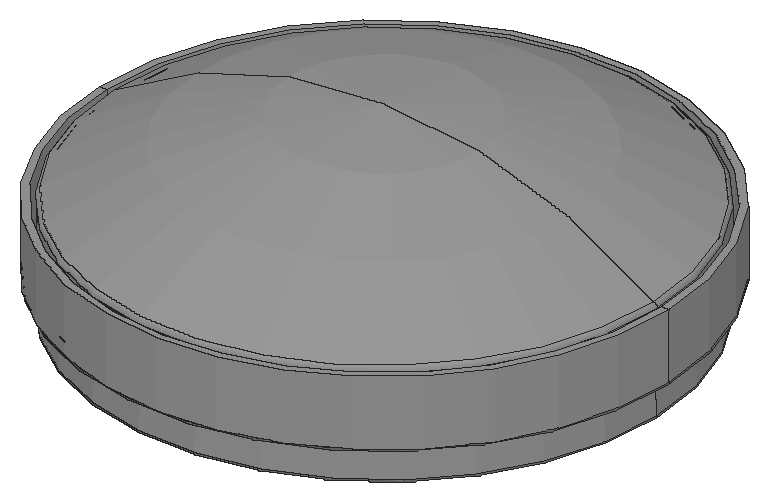
Revit family "3034808 Sylvania Lighting Fixture GIOTTO335 LED G2 4000K SURFACE MW", category Lighting Fixtures, host Face, Revit 2016
Family settings
  Host = Face
  Part Type = Normal
  Round Connector Dimension = Use Diameter
  OmniClass Number = 23.80.70.00
  OmniClass Title = Lighting
  Cut with Voids When Loaded = No
  Light Source = Yes
  Shared = No
  Room Calculation Point = No
Parameters (values of type "3034808 GIOTTO335 LED G2 SURFACE 4000K MW")
  Weight = "1.2 kg"
  Wattage Comments = ""
  Wattage = 23 W
  WarrantyStartDate [instance] = "n/a"
  WarrantyGuarantorParts = "n/a"
  WarrantyDurationUnit = "n/a"
  WarrantyDurationParts = "n/a"
  WarrantyDescription = "n/a"
  built-in parameter 1150110 = 1 (stored number, unit not read)
  Voltage = 230 V
  URL = "http://www.sylvania-lighting.com"
  TypeName = "GIOTTO335 LED G2 4000K SURFACE MW"
  Type Image = <None>
  Type Comments = "n/a"
  built-in parameter 1114217 = 1 (stored number, unit not read)
  Tilt Angle = -90.00°
  built-in parameter 1150109 = 1 (stored number, unit not read)
  built-in parameter 1150134 = 12
  built-in parameter 1150113 = 1 (stored number, unit not read)
  SerialNumber [instance] = "n/a"
  Photometric Web File = "3034808.ies"
  Material_3_SYL = LED-Sylvania
  PowerFactor = 0
  PowerConsumption = "23 W"
  NominalLength = 335 mm
  NominalHeight = 110 mm
  NominalDepth = 335 mm
  Name = "GIOTTO335 LED G2 4000K SURFACE MW"
  ModelReference = Name  # "GIOTTO335 LED G2 4000K SURFACE MW"
  ModelNumber = "3034808"
  Model = Name  # "GIOTTO335 LED G2 4000K SURFACE MW"
  Material = "polycarbonate housing, polycarbonate diffuser"
  ManufacturerName = "Feilo Sylvania"
  Manufacturer = "Feilo Sylvania"
  LuminousEfficacy = "97 lm/W"
  built-in parameter 1150105 = 685.38 (stored number, unit not read)
  Lumens = 2231 lm
  LuminaireType = ""
  built-in parameter 1150115 = 1 (stored number, unit not read)
  LightOutputRatio = "n/a"
  built-in parameter 1150137 = (empty or 0)
  built-in parameter 1150139 = (empty or 0)
  LampsType = Lamp  # "LED"
  LampNominalLuminous = "2225 lm"
  LampMacAdamStep = "n/a"
  LampColourTemperature = "4000 K"
  LampColourRenderingIndex = "80"
  built-in parameter 1150112 = 1 (stored number, unit not read)
  built-in parameter 1150114 = 1 (stored number, unit not read)
  Lamp = "LED"
  Keynote = "16500"
  InstallationDate [instance] = "n/a"
  InputVoltage = "n/a"
  InputNominalFrequency = "n/a"
  built-in parameter 1150132 = (empty or 0)
  built-in parameter 1150102 = (empty or 0)
  built-in parameter 1150107 = 4000 (stored number, unit not read)
  built-in parameter 1150138 = (empty or 0)
  IngressProtection = "IP44"
  ImpactProtectionIndex = "IK10"
  built-in parameter 1150106 = 6.8538 (stored number, unit not read)
  IfcExportType = "IfcLightFixtureType"
  IfcExportAs = "IfcLightFixtureType"
  Height_SYL = 110 mm
  ExpectedLife = 50000
  Emit from Circle Diameter = 317 mm
  Emit Shape Visible in Rendering = no
  ElectricShockClassification = "Class I"
  built-in parameter 1150104 = 9.0116 (stored number, unit not read)
  DurationUnit = "hours"
  DocumentationLiterature = "http://www.sylvania-lighting.com/product/en-int/products/3034808"
  DimmingControlOptions = "n/a"
  Material_2_SYL = Polycarbonate_Sylvania_Giotto_Opal
  Dimming Lamp Color Temperature Shift = <None>
  DiffuserRadius_SYL = 282.611 mm
  Diameter_SYL = 335 mm
  Description = "Ambient and decorative round, surface mounted LED bulkhead luminaire. White robust polycarbonate body with opal diffuser, 2225 lm, 23W, 97lm/W, 4000K, CRI 80, non-dimmable, integral microwave sensor. 50,000 hours lumen maintenance. Drive current: 700mA, IP44, IK10, Class I, 220-240V, Energy class: A++, A+, A."
  Default Elevation = 1219.2 mm
  CreatedOn = "9/13/2018"
  CreatedBy = "@sylvania-lighting.com"
  Cost = 0
  Color Filter = 16777215
  built-in parameter 1114216 [instance] = (empty or 0)
  ClassificationValue = "EF_70_80"
  ClassificationName = "Uniclass2015"
  Material_1_SYL = Polycarbonate_Sylvania_Giotto_White
  BarCode [instance] = "n/a"
  built-in parameter 1114218 = 1 (stored number, unit not read)
  built-in parameter 1150133 = 10 (stored number, unit not read)
  AssetType = "Fixed"
  AssetIdentifier [instance] = "n/a"
  Assembly Code = "D5020200"
  Apparent Load = 23 VA
  Material_4_SYL = none
Reference planes
  plane 1 "Center (Front/Back)": y = 0
  plane 2: z = 0
  plane 3 "Center (Left/Right)": x = 0
  plane 4: x = 167.5
  plane 5: x = -167.5
  plane 6: x = -160.5
  plane 7: x = -163.5
  plane 8: z = 110
  plane 9: z = 60
  plane 10: z = 20
  plane 11: z = 25
  plane 12: x = -165.9
  plane 13: z = 21.6
  plane 14: z = 1.6
  plane 15: x = -158.9
  plane 16: z = 19
  plane 17: x = -161.5
  plane 18: z = 26
Forms (mm)
  Revolve 1, solid, material "Polycarbonate_Sylvania_Giotto_White" <- "Material_1_SYL"
    sketch origin (0, 0, 0) x (1, 0, 0) y (0, 0, 1)
      loop
        line (0, 0) -> (0, 26) -> (-158.9, 26) -> (-158.9, 25) -> (-163.5, 25) -> (-163.5, 60) -> (-167.5, 60) -> (-167.5, 21.6)
        arc (-167.5, 21.6) -> (-167.031, 20.469) -> (-165.9, 20) r 1.6
        line (-165.9, 20) -> (-160.5, 20)
        arc (-160.5, 20) -> (-160.193, 19.541) -> (-160.086, 19) r 1.414
        line (-160.086, 19) -> (-160.5, 1.6)
        arc (-160.5, 1.6) -> (-160.031, 0.469) -> (-158.9, 0) r 1.6
        line (-158.9, 0) -> (0, 0)
      axis (0, 60) -> (0, 0)
    angle from 360 to 0
  Revolve 2, solid, material "Polycarbonate_Sylvania_Giotto_Opal" <- "Material_2_SYL"
    sketch origin (0, 0, 0) x (1, 0, 0) y (0, 0, 1)
      loop
        line (-160.5, 25) -> (-158.5, 25) -> (-158.5, 57.891)
        arc (-158.5, 57.891) -> (-158.267, 58.827) -> (-157.623, 59.545) r 2
        arc (-157.623, 59.545) -> (-82.451, 95.612) -> (0, 107.998) r 280.611
        line (0, 107.998) -> (0, 109.998)
        arc (0, 109.998) -> (-83.039, 97.523) -> (-158.747, 61.2) r 282.611
        arc (-158.747, 61.2) -> (-160.035, 59.763) -> (-160.5, 57.891) r 4
        line (-160.5, 57.891) -> (-160.5, 25)
      axis (0, 109.998) -> (0, 25)
    angle from 360 to 0
Dimensions and locks
  equal spacing: plane 4, plane 3 "Center (Left/Right)", plane 5
  "Diameter_SYL": plane 4 to plane 5
  locked: plane 6 to plane 5 at 7
  locked: plane 7 to plane 5 at 4
  "Height_SYL": plane 8 to plane 2
  locked: plane 8 to plane 9 at 50
  locked: plane 9 to plane 10 at 40
  Revolve 1 sketch curve to Revolve 1 sketch curve = 5.4 mm
  locked: plane 11 to plane 10 at 5
  locked: plane 12 to plane 5 at 1.6
  locked: plane 13 to plane 10 at 1.6
  locked: plane 14 to plane 2 at 1.6
  locked: plane 15 to plane 6 at 1.6
  locked: plane 6 to plane 17 at 1
  locked: plane 10 to plane 16 at 1
  locked: plane 18 to plane 11 at 1
  "DiffuserRadius_SYL": radius of Revolve 2 sketch curve
  aligned and locked: plane 2 to host face
  aligned and locked: level to host face
  aligned and locked: Revolve 1 sketch curve to plane 3 "Center (Left/Right)"
  aligned and locked: level to Revolve 1 sketch curve
  aligned and locked: Revolve 1 sketch curve to plane 10
  aligned and locked: plane 9 to Revolve 1 sketch curve
  aligned and locked: Revolve 1 sketch curve to plane 7
  aligned and locked: plane 12 to Revolve 1 sketch curve  (x2)
  aligned and locked: plane 13 to Revolve 1 sketch curve  (x2)
  aligned and locked: plane 17 to Revolve 1 sketch curve
  aligned and locked: plane 16 to Revolve 1 sketch curve  (x2)
  aligned and locked: plane 15 to Revolve 1 sketch curve  (x3)
  aligned and locked: plane 14 to Revolve 1 sketch curve  (x2)
  aligned and locked: Revolve 2 sketch curve to plane 3 "Center (Left/Right)"
  aligned and locked: plane 6 to Revolve 2 sketch curve
  aligned and locked: Revolve 2 sketch curve to Revolve 2 sketch curve
  aligned and locked: plane 3 "Center (Left/Right)" to imposter light
  aligned and locked: imposter light to plane 1 "Center (Front/Back)"
  aligned and locked: plane 18 to Revolve 1 sketch curve
  aligned and locked: plane 11 to Revolve 1 sketch curve
  aligned and locked: plane 11 to Revolve 2 sketch curve
  aligned and locked: plane 3 "Center (Left/Right)" to Revolve 2 sketch curve
  aligned and locked: imposter light to plane 8
Automatic sketch dimensions
  host sketch curve to host sketch curve = 2438.4 mm  (x2)
  Revolve 1 sketch curve to plane 3 "Center (Left/Right)" = 0 mm
  Revolve 1 sketch curve to level = 609.6 mm
  Revolve 1 sketch curve to plane 8 = 2499.058 mm
  Revolve 2 sketch curve to Revolve 2 sketch curve = 0 mm  (x3)
  plane 15 to Revolve 2 sketch curve = 0.4 mm
  Revolve 2 sketch curve to Revolve 2 sketch curve = 2 mm  (x2)
  Revolve 2 sketch curve to level = 172.613 mm
  plane 9 to Revolve 2 sketch curve = 2.109 mm
  Revolve 2 sketch curve to Revolve 2 sketch curve = 436.987 mm
  Revolve 2 sketch curve to plane 8 = 2499.058 mm
Connectors
  electrical at (0, 0, 0), driven by "Apparent Load", driven by "PowerFactor", driven by "Voltage"
    settings: index 1, voltage 230 V, apparent load 23 VA, apparent load phase1 0 VA, apparent load phase2 0 VA, apparent load phase3 0 VA, power factor 0, load classification "Lighting", number of poles 1, system type 30, power factor state 1, is connector primary yes, connector utility no, sub classification motor no, connector description ""
